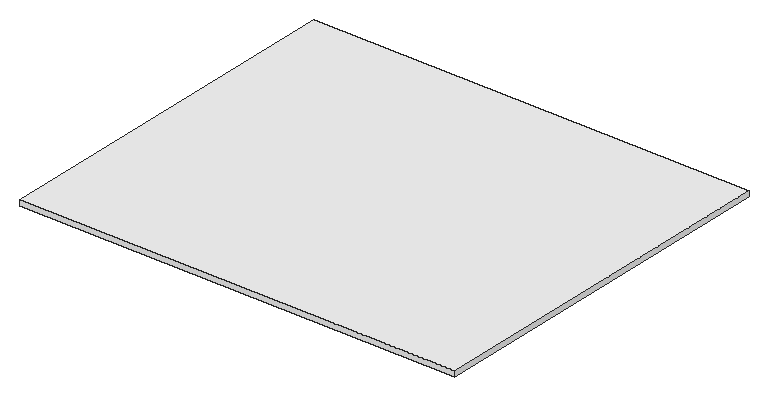
Revit family "ROTHOB_Rothoblaas_Membrane_DefenseAdhesiveTraspirEvo", category Structural Connections, host Face, Revit 2020
Family settings
  Host = Face
  Material for Model Behavior = Other
  OmniClass Number = 23.13.25.25
  OmniClass Title = Air Barriers
  Enable cutting in views = Yes
  Cut with Voids When Loaded = No
  Shared = No
Parameters (values of type "DEFENCE ADHESIVE TRASPIR EVO")
  WaterVapourTransmition_Sd = "0,19 m"  # constant formula
  WarrantyStartDate [instance] = ""
  WarrantyGuarantorParts = "n/a"  # constant formula
  WarrantyGuarantorLabor = "n/a"  # constant formula
  WarrantyDurationUnit = "n/a"  # constant formula
  WarrantyDurationParts = "n/a"  # constant formula
  WarrantyDurationLabor = "n/a"  # constant formula
  WarrantyDescription = "n/a"  # constant formula
  Version = "1"  # constant formula
  UniClass2015Version = "Products v1.33"  # constant formula
  UniClass2015Title = "Vapour-permeable sheets"  # constant formula
  UniClass2015Code = "Pr_25_57_10_94"  # constant formula
  UVStability = "1000h (8 months)"  # constant formula
  Tipo IFC predefinito = "USERDEFINED"  # constant formula
  SustainabilityPerformance = "n/a"  # constant formula
  Size = "n/a"  # constant formula
  Shape = "Bidimensional"  # constant formula
  Revision = "n/a"  # constant formula
  ReplacementCost = "n/a"  # constant formula
  ReactionFire = "E"  # constant formula
  ObjectMaterial = ROTHOB_Rothoblaas_Polyurethane_Polypropylene
  NominalWidth = "n/a"  # constant formula
  NominalHeight = "n/a"  # constant formula
  MassUnitArea = "175 g/m2"  # constant formula
  Default Elevation = 1.2192 m
  ProductInformation = "https://www.rothoblaas.com/products/airtightness-and-waterproofing/self-adhesive-membranes/defence-adhesive-traspir-evo#top"  # constant formula
  OmniClassVersion = "2012-05-16"  # constant formula
  OmniClassTitle = "Air Barriers"  # constant formula
  OmniClassCode = "23.13.25.25"  # constant formula
  NominalLength = "n/a"  # constant formula
  InstallationDate [instance] = ""
  Height_H [instance] = 0.069414 m
  Name = "Membrane"  # constant formula
  ModelReference = "n/a"  # constant formula
  ModelNumber = "n/a"  # constant formula
  ModelDisclaimer = "The latest version of the data sheets can be found on our website"  # constant formula
  Material = "PU and PP"  # constant formula
  ManufacturerURL = "www.rothoblaas.com"  # constant formula
  ManufacturerName = "ROTHO BLAAS SRL"  # constant formula
  Manufacturer = "info@rothoblaas.com"  # constant formula
  IfcExportType = "USERDEFINED"  # constant formula
  IfcExportAs = "IfcBuildingElementProxyType"  # constant formula
  Length_L [instance] = 0.082116 m
  Grade = "n/a"  # constant formula
  Finish = "n/a"  # constant formula
  Features = "Flexible sheets for waterproofing"  # constant formula
  ExpectedLife = "n/a"  # constant formula
  Esporta tipo in formato IFC con nome = "IfcBuildingElementProxyType"  # constant formula
  DurationUnit = "Years"  # constant formula
  Description = "Self-adhesive breathable monolithic membrane"  # constant formula
  Constituents = "n/a"  # constant formula
  Color = "Translucent"  # constant formula
  CodePerformance = "CE - Construction products"  # constant formula
  Category = "Pr_25_57_10_94 - Vapour-permeable sheets"  # constant formula
  CETitle = "n/a"  # constant formula
  CECode = "EN 13859-1/2"  # constant formula
  BIMObjectName = "ROTHOB_Rothoblaas_Membrane_DefenseAdhesiveTraspirEvo"  # constant formula
  Author = "Vitor Ferronato"  # constant formula
  AssetType = "n/a"  # constant formula
  AccessibilityPerformance = "n/a"  # constant formula
Reference planes (m)
  plane 1 "Centro (Fronte/Retro)": y = 0
  plane 2: z = 0
  plane 3 "Centro (Sinistra/Destra)": x = 0
  plane 4: y = 0.034707
  plane 5: y = -0.034707
  plane 6: x = -0.041058
  plane 7: x = 0.041058
Forms (m)
  Extrusion 1, solid, material "ROTHOB_Rothoblaas_Polyurethane_Polypropylene" <- "ObjectMaterial"
    sketch origin (0, 0, 0) x (1, 0, 0) y (0, 1, 0)
      loop
        line (-0.041058, 0.034707) -> (-0.041058, -0.034707) -> (0.041058, -0.034707) -> (0.041058, 0.034707) -> (-0.041058, 0.034707)
    from 0 to 0.001
Dimensions and locks (m)
  equal spacing: host sketch curve, plane 3 "Centro (Sinistra/Destra)", host sketch curve
  host sketch curve to host sketch curve = 0.08616 m
  equal spacing: host sketch curve, plane 1 "Centro (Fronte/Retro)", host sketch curve
  host sketch curve to host sketch curve = 0.073907 m
  equal spacing: plane 6, plane 3 "Centro (Sinistra/Destra)", plane 7
  equal spacing: plane 4, plane 1 "Centro (Fronte/Retro)", plane 5
  "Height_H": plane 4 to plane 5
  "Length_L": plane 6 to plane 7
  aligned and locked: plane 2 to host face
  aligned and locked: level to host face
  aligned and locked: Extrusion 1 sketch curve to plane 4
  aligned and locked: Extrusion 1 sketch curve to plane 5
  aligned and locked: plane 7 to Extrusion 1 sketch curve
  aligned and locked: plane 6 to Extrusion 1 sketch curve
